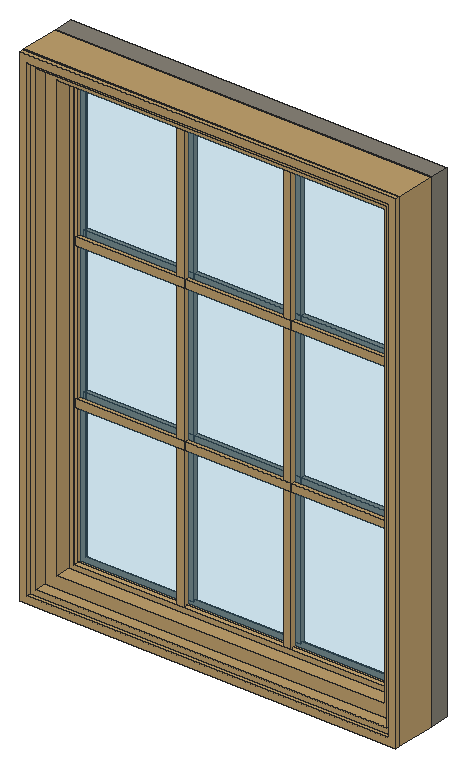
Revit family
Parameters (values of type "CUCA3648")
  Window Type = "Clad Ultimate Casement"
  Vent Area = VO Width * VO Height  # 8.42878 SF
  VO Width = if(Width < 1' 8", Width - 0' 9 19/32", Width - 0' 7 7/64")  # 2' - 4 57/64"
  VO Height = Height - 0' 5 29/256"  # 3' - 6 3/256"
  URL = "www.marvin.com"
  Prairie Corner Width = 0' - 4"
  Prairie Corner Height = 0' - 4"
  Plan Swing Angle [instance] = 15.00°
  Swing Width = Width - 0' 2 3/8"  # 2' - 9 5/8"
  Nominal Width = 3' - 0"
  Nominal Height = 4' - 0"
  Muntins Interior Material = Wood-Marvin-Pine
  Muntins Exterior Material = Aluminum-Marvin-Bronze
  Model = "CUCA3648"
  Manufacturer = "Marvin Windows and Doors"
  Lites Wide = 3
  Lites Wide Constraint = if(Nominal Width > 1' 4", Lites Wide, if(Lites Wide < 2, 1, 2))  # 3
  Lites High = 3
  Lites High Constraint = if(Nominal Height > 1' 4", Lites High, if(Lites High < 2, 1, 2))  # 3
  Lite Cut Prairie 9 = no
  Lite Cut Prairie 9 Constraint = if(and(Nominal Width > 1' 4", Nominal Height > 1' 4"), Lite Cut Prairie 9, 1 = 0)  # no
  Lite Cut HV Grid = not(Lite Cut Prairie 9 Constraint)  # yes
  Label Visibility = no
  Label Egress = if(and(and(VO Width > 1' 8", VO Height > 2' 0"), Vent Area > 5.70 SF), "EGRESS WDW", "")  # "EGRESS WDW"
  Interior Material = Wood-Marvin-Pine
  Glazing Material = Glass-Marvin-IG Low E II with Argon
  Glass Type = "IG Low E II with Argon"
  Frame = "Aluminum Clad"
  Family created by = "www.rbuiltcomponents.com"
  Elev Swing RH Visibility [instance] = yes
  Elev Swing LH Visibility [instance] = no
  Rough Width = Width + 0' 1"  # 3' - 1"
  Rough Height = Height + 0' 0 1/2"  # 3' - 11 5/8"
  Plan Swing RH Visibility [instance] = yes
  Plan Swing LH Visibility [instance] = no
  Muntins Interior Visibility = yes
  Muntins Exterior Visibility = yes
  Jamb Extension Visibility = yes
  Inset to Installation Flange [instance] = 0' - 1"
  Height = Nominal Height - 0' 0 7/8"  # 3' - 11 1/8"
  Egress Window = "Yes"
  Design Pressure = "DP50"
  Description = "3648 CSMT"
  Default Head Height = 8' - 0"
  Wall Closure = (empty or 0)
  Width = Nominal Width  # 3' - 0"
  Daylight Area = DLO Width * DLO Height  # 8.66056 SF
  DLO Width = Width - 0' 5 13/16"  # 2' - 6 3/16"
  DLO Height = Height - 0' 5 13/16"  # 3' - 5 5/16"
  Cladding Material = Aluminum-Marvin-Bronze
  Assembly Code = ""
  Note To User = "All Lite Constraints Apply To Nominal Widths Or Heights < 1 - 6"  # constant formula
Reference planes (in)
  plane 1 "Center (Front/Back)": y = 0
  plane 2: z = 0
  plane 3 "Center (Left/Right)": x = -3
  plane 4 "Left": x = -21
  plane 5 "Right": x = 15
  plane 6 "Sill": z = 48.875
  plane 7 "Top": z = 96
  plane 8 "Inset": y = 2
  plane 9 "Glazing": y = 1.25
  plane 10 "Jamb Ext Face": y = -2.5625
  plane 11: z = 72.4375
  plane 12: y = -2.625
Forms (in)
  Sweep 1, solid, material "Aluminum-Marvin-Bronze" <- "Cladding Material"
    path origin (0, 1.25, 0) x (1, 0, 0) y (0, 0, 1)
      loop
        line (-21, 96) -> (-21, 48.875) -> (15, 48.875) -> (15, 96) -> (-21, 96)
    profile "Profile_Ext_Clad_Frame : Profile_Ext_Clad_Frame" origin (-21, 1.25, 72.4375) x (1, 0, 0) y (0, -1, 0)
      loop
        line (0, 0) -> (0, -1.84401) -> (0.52105, -1.84401) -> (0.62315, -0.38401) -> (2.696, -0.38401) -> (2.696, -0.2654) -> (2.896, -0.0654) -> (2.896, 0) -> (0, 0)
  Sweep 2, solid, material "Wood-Marvin-Pine" <- "Interior Material"
    path origin (0, 1.25, 0) x (1, 0, 0) y (0, 0, 1)
      loop
        line (-21, 96) -> (-21, 48.875) -> (15, 48.875) -> (15, 96) -> (-21, 96)
    profile "Profile_Int_Frame : Profile_Int_Frame" origin (-21, 1.25, 72.4375) x (1, 0, 0) y (0, -1, 0)
      loop
        line (0, 0) -> (2.208, 0) -> (2.208, 0.75299) -> (2.896, 0.75299) -> (2.896, 0.94965) -> (2.7085, 1.13715) -> (2.7085, 1.23699) -> (2.30184, 1.23699) -> (2.30184, 2.71113) -> (1.188, 2.71113) -> (1.188, 3.81199) -> (0, 3.81199) -> (0, 0)
  Extrusion 3, solid, material "Wood-Marvin-Pine" <- "Interior Material", visible <- "Jamb Extension Visibility", detail levels medium+fine
    sketch origin (0, -2.5625, 0) x (1, 0, 0) y (0, 0, 1)
      loop
        line (-21, 96) -> (-21, 48.875) -> (15, 48.875) -> (15, 96) -> (-21, 96)
      loop
        line (-20.3125, 49.5625) -> (14.3125, 49.5625) -> (14.3125, 95.3125) -> (-20.3125, 95.3125) -> (-20.3125, 49.5625)
    from 0.0625 to 0.4375
  Extrusion 4, solid, material "Glass-Marvin-IG Low E II with Argon" <- "Glazing Material"
    sketch origin (0, 1.25, 0) x (1, 0, 0) y (0, 0, 1)
      loop
        line (12.65625, 93.65625) -> (-18.65625, 93.65625) -> (-18.65625, 51.21875) -> (12.65625, 51.21875) -> (12.65625, 93.65625)
    from 0 to 0.125
  Extrusion 5, solid, material "Glass-Marvin-IG Low E II with Argon" <- "Glazing Material"
    sketch origin (0, 1.25, 0) x (1, 0, 0) y (0, 0, 1)
      loop
        line (12.65625, 93.65625) -> (-18.65625, 93.65625) -> (-18.65625, 51.21875) -> (12.65625, 51.21875) -> (12.65625, 93.65625)
    from 0.625 to 0.75
Lines and regions (in)
  Opening 1
    outline origin (-60, -3, 0) x (1, 0, 0) y (0, 0, 1)
      loop
        line (39, 96) -> (39, 48.875) -> (75, 48.875) -> (75, 96) -> (39, 96)
  Masking region 1
    outline origin (0, 0, 48.875) x (0, -1, 0) y (1, 0, 0)
      loop
        line (-3.09401, -21) -> (2.5625, -21) -> (2.5625, 15) -> (-3.09401, 15) -> (-3.09401, -21)
  Masking region 2
    outline origin (-3, 0, 0) x (0, 1, 0) y (0, 0, 1)
      loop
        line (3.09401, 96) -> (-2.5625, 96) -> (-2.5625, 48.875) -> (3.09401, 48.875) -> (3.09401, 96)
  Masking region 3, visible <- "Jamb Extension Visibility"
    outline origin (0, 0, 0) x (1, 0, 0) y (0, 1, 0)
      loop
        line (-21, -2.625) -> (-21, -3) -> (15, -3) -> (15, -2.625) -> (-21, -2.625)
  Masking region 4, visible <- "Jamb Extension Visibility"
    outline origin (-3, 0, 0) x (0, 1, 0) y (0, 0, 1)
      loop
        line (-2.625, 96) -> (-3, 96) -> (-3, 48.875) -> (-2.625, 48.875) -> (-2.625, 96)
  symbolic lines, style "Jamb Extension", visible <- "Jamb Extension Visibility", detail levels fine
    curve 1: line (-21, -3, 48.875) -> (-20.3125, -3, 48.875)
    curve 2: line (-20.3125, -3, 48.875) -> (-20.3125, -2.625, 48.875)
    curve 3: line (15, -3, 48.875) -> (14.3125, -3, 48.875)
    curve 4: line (14.3125, -3, 48.875) -> (14.3125, -2.625, 48.875)
    curve 5: line (-3, -3, 95.3125) -> (-3, -2.625, 95.3125)
    curve 6: line (-3, -3, 49.5625) -> (-3, -2.625, 49.5625)
  symbolic lines, style "WindowsFrameMullionProjection", detail levels coarse+medium
    curve 7: line (15, -2.5625, 0) -> (13.812, -2.5625, 0)
    curve 8: line (13.812, -2.5625, 0) -> (13.812, 3.09401, 0)
    curve 9: line (13.812, 3.09401, 0) -> (15, 3.09401, 0)
    curve 10: line (13.812, 1.63401, 0) -> (12.104, 1.63401, 0)
    curve 11: line (12.104, 1.63401, 0) -> (12.104, 0.01301, 0)
    curve 12: line (-19.812, 0.01301, 0) -> (-18.13337, 0.01301, 0)
    curve 13: line (-21, -2.5625, 0) -> (-19.812, -2.5625, 0)
    curve 14: line (-19.812, -2.5625, 0) -> (-19.812, 3.09401, 0)
    curve 15: line (-19.812, 3.09401, 0) -> (-21, 3.09401, 0)
    curve 16: line (-18.13337, 1.63401, 0) -> (-18.13337, 0.01301, 0)
    curve 17: line (-3, 3.09401, 96) -> (-3, 3.09401, 94.812)
    curve 18: line (-3, 3.09401, 94.812) -> (-3, -2.5625, 94.812)
    curve 19: line (-3, -2.5625, 94.812) -> (-3, -2.5625, 96)
    curve 20: line (-3, 1.63401, 94.812) -> (-3, 1.63401, 93.104)
    curve 21: line (-3, 1.63401, 93.104) -> (-3, 0.00901, 93.104)
    curve 22: line (-3, 0.00901, 50.063) -> (-3, 0.00901, 51.771)
    curve 23: line (-3, 3.09401, 48.875) -> (-3, 3.09401, 50.063)
    curve 24: line (-3, 3.09401, 50.063) -> (-3, -2.5625, 50.063)
    curve 25: line (-3, -2.5625, 50.063) -> (-3, -2.5625, 48.875)
    curve 26: line (-3, 1.63401, 51.771) -> (-3, 0.00901, 51.771)
    curve 29: line (12.104, 1.63401, 0) -> (-18.13337, 1.63401, 0)
    curve 30: line (12.104, 0.01301, 0) -> (13.812, 0.01301, 0)
    curve 31: line (-18.13337, 0.01301, 0) -> (12.104, 0.01301, 0)
    curve 32: line (-18.13337, 1.63401, 0) -> (-19.812, 1.63401, 0)
    curve 33: line (-3, 0.00901, 51.771) -> (-3, 0.00901, 93.104)
    curve 34: line (-3, 1.63401, 51.771) -> (-3, 1.63401, 50.063)
    curve 35: line (-3, 0.00901, 93.104) -> (-3, 0.00901, 94.812)
    curve 36: line (-3, 1.63401, 93.104) -> (-3, 1.63401, 51.771)
  symbolic lines, style "WindowsGlassProjection", detail levels coarse+medium
    curve 27: line (-3, 0.82151, 93.104) -> (-3, 0.82151, 51.771)
    curve 28: line (-18.13337, 0.82351, 0) -> (12.104, 0.82351, 0)
  symbolic lines, style "Elevation Swing", visible <- "Elev Swing LH Visibility"
    curve 37: line (-20.37685, 0, 95.37685) -> (14.37685, 0, 72.4375)
    curve 38: line (14.37685, 0, 72.4375) -> (-20.47895, 0, 49.39605)
  symbolic lines, style "Elevation Swing", visible <- "Elev Swing RH Visibility"
    curve 39: line (14.37685, 0, 95.37685) -> (-20.37685, 0, 72.4375)
    curve 40: line (-20.37685, 0, 72.4375) -> (14.3125, 0, 49.5625)
  symbolic lines, style "WindowsFrameMullionProjection"
    curve 41: line (-3, -2.5625, 50.063) -> (-3, -2.5625, 94.812)
    curve 42: line (-19.812, -2.5625, 48.875) -> (13.812, -2.5625, 48.875)
  symbolic lines, style "WindowsFrameMullionProjection", visible <- "Jamb Extension Visibility", detail levels coarse+medium
    curve 43: line (-20.3125, -2.625, 48.875) -> (-20.3125, -3, 48.875)
    curve 44: line (-20.3125, -3, 48.875) -> (-21, -3, 48.875)
    curve 45: line (14.3125, -2.625, 48.875) -> (14.3125, -3, 48.875)
    curve 46: line (14.3125, -3, 48.875) -> (15, -3, 48.875)
    curve 49: line (-3, -2.625, 95.3125) -> (-3, -3, 95.3125)
    curve 50: line (-3, -3, 95.3125) -> (-3, -3, 96)
    curve 51: line (-3, -2.625, 49.5625) -> (-3, -3, 49.5625)
    curve 52: line (-3, -3, 49.5625) -> (-3, -3, 48.875)
  symbolic lines, style "Jamb Extension", visible <- "Jamb Extension Visibility"
    curve 47: line (-3, -3, 49.5625) -> (-3, -3, 48.875)
    curve 48: line (-3, -3, 95.3125) -> (-3, -3, 96)
  symbolic lines, style "Elevation Swing", visible <- "Plan Swing RH Visibility"
    curve 53: line (-19.812, 1.63401, 0) -> (12.66726, 10.3368, 0)
    curve 54: arc (13.812, 1.63401, 0) -> (13.52459, 6.02289, 0) -> (12.66726, 10.3368, 0) r 33.65337
  symbolic lines, style "Elevation Swing", visible <- "Plan Swing LH Visibility"
    curve 55: line (13.812, 1.63401, 0) -> (-18.66726, 10.3368, 0)
    curve 56: arc (-19.812, 1.63401, 0) -> (-19.52459, 6.02289, 0) -> (-18.66726, 10.3368, 0) r 33.65337
Text (in)
  text "EXTERIOR" at (-58.6888, 50.90694, 0), in view "Ref. Level"
  text "INTERIOR" at (-58.6888, -37.76638, 0), in view "Ref. Level"
  text "Exterior" at (0, 43.65631, 123.19604), in view "Left"
  text "Exterior" at (0, 18.29385, 125.04747), in view "Right"
Dimensions and locks (in)
  equal spacing: plane 4 "Left", plane 3 "Center (Left/Right)", plane 5 "Right"
  "Width": plane 4 "Left" to plane 5 "Right"
  "Height": plane 6 "Sill" to plane 7 "Top"
  "Inset to Installation Flange": host wall to plane 8 "Inset"
  locked: plane 9 "Glazing" to plane 8 "Inset" at 0.75
  locked: plane 10 "Jamb Ext Face" to plane 8 "Inset" at 4.5625
  locked: Extrusion 4 sketch curve to plane 5 "Right" at 2.34375
  locked: plane 4 "Left" to Extrusion 4 sketch curve at 2.34375
  locked: Extrusion 4 sketch curve to plane 7 "Top" at 2.34375
  locked: plane 6 "Sill" to Extrusion 4 sketch curve at 2.34375
  plane 8 "Inset" to curve 20 to curve 35 = 0' - 0.36599", 0' - 1 5/8"
  equal spacing: curve 30, curve 10, plane 8 "Inset"
  locked: nested 3 to plane 9 "Glazing" at 0.75
  equal spacing: plane 6 "Sill", plane 11, plane 7 "Top"
  "Default Head Height": plane 2 to plane 7 "Top"
  locked: Extrusion 3 sketch curve to Extrusion 3 sketch curve at 0.6875  (x2)
  locked: Sweep 2 to Extrusion 3 sketch curve at 0.6875
  locked: plane 7 "Top" to Extrusion 3 sketch curve at 0.6875
  locked: nested 5 to host wall at 12.00106
  locked: Extrusion 5 sketch curve to plane 7 "Top" at 2.34375
  locked: Extrusion 5 sketch curve to plane 5 "Right" at 2.34375
  locked: plane 6 "Sill" to Extrusion 5 sketch curve at 2.34375
  locked: plane 4 "Left" to Extrusion 5 sketch curve at 2.34375
  locked: plane 9 "Glazing" to Extrusion 4 at 0.125
  locked: plane 9 "Glazing" to Extrusion 5 at 0.625
  locked: plane 9 "Glazing" to Extrusion 5 at 0.75
  locked: Extrusion 5 to Extrusion 5 at 0.125
  "Swing Width": curve 56 to curve 55
  "Swing Width": curve 54 to curve 53
  locked: plane 12 to plane 10 "Jamb Ext Face" at 0.0625
  "Plan Swing Angle": angle curve 32 to curve 53
  "Plan Swing Angle": angle curve 55 to curve 10
  aligned and locked: plane 7 "Top" to Opening 1 sketch curve
  aligned and locked: plane 6 "Sill" to Opening 1 sketch curve  (x2)
  aligned and locked: plane 5 "Right" to Opening 1 sketch curve
  aligned and locked: plane 4 "Left" to Opening 1 sketch curve
  aligned and locked: nested 1 to plane 3 "Center (Left/Right)"
  aligned and locked: plane 8 "Inset" to nested 1
  aligned and locked: host wall to curve 1
  aligned and locked: curve 3 to host wall
  aligned and locked: plane 7 "Top" to Sweep 1 sketch curve
  aligned and locked: Sweep 1 sketch curve to plane 6 "Sill"
  aligned and locked: plane 5 "Right" to Sweep 1 sketch curve
  aligned and locked: Sweep 1 sketch curve to plane 4 "Left"
  aligned and locked: Sweep 2 sketch curve to plane 4 "Left"
  aligned and locked: plane 5 "Right" to Sweep 2 sketch curve
  aligned and locked: plane 7 "Top" to Sweep 2 sketch curve
  aligned and locked: Sweep 2 sketch curve to plane 6 "Sill"
  aligned and locked: plane 6 "Sill" to nested 2
  aligned and locked: plane 8 "Inset" to nested 2
  aligned and locked: Extrusion 3 sketch curve to plane 6 "Sill"
  aligned and locked: plane 5 "Right" to Extrusion 3 sketch curve
  aligned and locked: plane 11 to nested 3
  aligned and locked: plane 9 "Glazing" to nested 4
  aligned and locked: nested 4 to plane 11
  aligned and locked: nested 4 to plane 3 "Center (Left/Right)"
  aligned and locked: plane 3 "Center (Left/Right)" to nested 3
  aligned and locked: plane 5 "Right" to Masking region 1 sketch curve
  aligned and locked: Masking region 1 sketch curve to plane 4 "Left"
  aligned and locked: Masking region 1 sketch curve to Sweep 1
  aligned and locked: Masking region 2 sketch curve to Sweep 1
  aligned and locked: plane 7 "Top" to Masking region 2 sketch curve
  aligned and locked: Masking region 2 sketch curve to plane 6 "Sill"
  aligned and locked: host wall to Extrusion 3
  aligned and locked: Sweep 1 to curve 15
  aligned and locked: curve 9 to Sweep 1
  aligned and locked: curve 23 to Sweep 1
  aligned and locked: curve 17 to Sweep 1
  aligned and locked: plane 3 "Center (Left/Right)" to nested 5
  aligned and locked: Extrusion 3 sketch curve to plane 4 "Left"
  aligned and locked: plane 7 "Top" to Extrusion 3 sketch curve
  aligned and locked: curve 5 to Extrusion 3
  aligned and locked: curve 2 to Extrusion 3
  aligned and locked: curve 4 to Extrusion 3
  aligned and locked: plane 10 "Jamb Ext Face" to curve 13
  aligned and locked: curve 7 to plane 10 "Jamb Ext Face"
  aligned and locked: curve 42 to curve 14
  aligned and locked: curve 42 to curve 8
  aligned and locked: plane 10 "Jamb Ext Face" to curve 42
  aligned and locked: plane 4 "Left" to curve 44
  aligned and locked: curve 43 to Extrusion 3
  aligned and locked: curve 44 to host wall
  aligned and locked: plane 5 "Right" to curve 46
  aligned and locked: Extrusion 3 to curve 45
  aligned and locked: host wall to curve 46
  aligned and locked: curve 25 to plane 10 "Jamb Ext Face"
  aligned and locked: curve 24 to curve 41
  aligned and locked: plane 6 "Sill" to curve 47
  aligned and locked: curve 47 to Extrusion 3
  aligned and locked: curve 47 to host wall
  aligned and locked: plane 10 "Jamb Ext Face" to curve 19
  aligned and locked: plane 7 "Top" to curve 48
  aligned and locked: plane 7 "Top" to curve 50
  aligned and locked: host wall to curve 50
  aligned and locked: Extrusion 3 to curve 49
  aligned and locked: plane 6 "Sill" to curve 52
  aligned and locked: curve 51 to Extrusion 3
  aligned and locked: Sweep 2 to curve 41
  aligned and locked: Extrusion 4 to plane 9 "Glazing"
  aligned and locked: Sweep 1 to curve 53
  aligned and locked: curve 14 to curve 53
  aligned and locked: Sweep 1 to curve 10
  aligned and locked: Sweep 1 to curve 32
  aligned and locked: curve 12 to Sweep 2
  aligned and locked: Sweep 2 to curve 30
  aligned and locked: curve 8 to curve 55
  aligned and locked: curve 8 to nested 1
  aligned and locked: curve 14 to Sweep 2
  aligned and locked: Extrusion 3 to plane 12
  aligned and locked: plane 12 to curve 2
  aligned and locked: plane 12 to curve 43
  aligned and locked: plane 12 to curve 4
  aligned and locked: plane 12 to curve 45
  aligned and locked: plane 12 to curve 5
  aligned and locked: plane 12 to curve 49
  aligned and locked: plane 12 to curve 6
  aligned and locked: plane 12 to curve 51
  aligned and locked: plane 12 to Masking region 3 sketch curve
  aligned and locked: Masking region 3 sketch curve to host wall
  aligned and locked: Masking region 3 sketch curve to plane 4 "Left"
  aligned and locked: plane 5 "Right" to Masking region 3 sketch curve
  aligned and locked: plane 12 to Masking region 4 sketch curve
  aligned and locked: Masking region 4 sketch curve to host wall
  aligned and locked: plane 7 "Top" to Masking region 4 sketch curve
  aligned and locked: Masking region 4 sketch curve to plane 6 "Sill"
  aligned and locked: Masking region 1 sketch curve to plane 10 "Jamb Ext Face"
  aligned and locked: Masking region 2 sketch curve to plane 10 "Jamb Ext Face"
  aligned and locked: curve 40 to Extrusion 3
  aligned and locked: Sweep 1 to curve 40
  aligned and locked: Sweep 1 to curve 39
  aligned and locked: curve 38 to Sweep 1
  aligned and locked: Sweep 1 to curve 38
  aligned and locked: Sweep 1 to curve 37
Automatic sketch dimensions
  curve 13 to plane 4 "Left" = 0' - 0"
  curve 15 to plane 4 "Left" = 0' - 0"
  curve 7 to plane 5 "Right" = 0' - 0"
  curve 9 to plane 5 "Right" = 0' - 0"
  plane 9 "Glazing" to curve 28 = 0' - 0.42649"
  curve 54 to curve 28 = 0' - 1.708"
  curve 11 to curve 30 = 0' - 1.708"
  curve 1 to plane 4 "Left" = 0' - 0"
  curve 3 to plane 5 "Right" = 0' - 0"
  curve 25 to plane 6 "Sill" = 0' - 0"
  curve 23 to plane 6 "Sill" = 0' - 0"
  curve 17 to plane 7 "Top" = 0' - 0"
  curve 19 to plane 7 "Top" = 0' - 0"
  plane 9 "Glazing" to curve 27 = 0' - 0.42849"
  curve 6 to curve 25 = 0' - 0.5005"
  curve 22 to curve 26 = 0' - 1.708"
  curve 36 to curve 20 = 0' - 1.708"
  curve 38 to plane 11 = 0' - 0"
  curve 40 to plane 11 = 0' - 0"
  curve 40 to plane 6 "Sill" = 0' - 0 11/16"
  curve 38 to plane 6 "Sill" = 0' - 0.52105"
  plane 7 "Top" to curve 39 = 0' - 0.62315"
  plane 7 "Top" to curve 37 = 0' - 0.62315"
Nested families (in)
  nested 1: "Casement_Plan_Detail" at (-3, 2, 48.875) x (-1, 0, 0) z (0, 0, -1), type "Casement_Plan_Detail", detail levels fine
  nested 2: "Casement_Section_Detail" at (-3, 2, 96) x (0, -1, 0) z (1, 0, 0), type "Casement_Section_Detail", detail levels fine
  nested 3: "Muntins" at (-3, 0.5, 15.78125), visible <- "Muntins Interior Visibility", Muntin Material <- "Muntins Interior Material", type "Muntins"
    with Muntin Material Wood-Marvin-Pine, GlazingWidth 2' - 6 3/16", GlazingHeight 3' - 5 5/16", Width 2' - 6 5/8", Height 3' - 5 3/4", Inset Vert 0' - 9.83333", Inset Horiz 1' - 1.54167"
  nested 4: "Muntins" at (-3, 1.25, 15.78125), visible <- "Muntins Exterior Visibility", Muntin Material <- "Muntins Exterior Material", type "Muntins"
    with Muntin Material Aluminum-Marvin-Bronze, GlazingWidth 2' - 6 3/16", GlazingHeight 3' - 5 5/16", Width 2' - 6 5/8", Height 3' - 5 3/4", Inset Vert 0' - 9.83333", Inset Horiz 1' - 1.54167"
  nested 5: "Label Annotation 1-16 w" at (-3, 15.00106, 0), visible <- "Label Visibility", type "Label Annotation 1-16 w"
Definition of nested family "Muntins"
  Parameters (values of type "Muntins")
    PrairieMuntVisible = no
    Prairie Corner Width = 0' - 4"
    Prairie Corner Height = 0' - 4"
    Muntin Extension = 0' - 0 7/16"
    GridMuntVisible = yes
    GlazingWidth = 2' - 0"
    GlazingHeight = 2' - 11 1/8"
    Width = GlazingWidth + Muntin Extension  # 2' - 0 7/16"
    VerticalMuntins = if(LitesHorizontal < 3, 2, LitesHorizontal - 1)  # 2
    VertMuntVisible = and(GridMuntVisible, LitesHorizontal > 2)  # yes
    MuntinWidth = 0' - 0 3/4"
    MuntinDepth [instance] = 0' - 0 3/8"
    Muntin Material [instance] = none
    LitesVertical = 3
    LitesHorizontal = 3
    HorizontalMuntins = if(LitesVertical < 3, 2, LitesVertical - 1)  # 2
    HorizMuntVisible = and(GridMuntVisible, LitesVertical > 2)  # yes
    Height = GlazingHeight + Muntin Extension  # 2' - 11 9/16"
    Inset Vert = if(LitesHorizontal < 3, (Width / 3) - (MuntinWidth / 2), (Width / LitesHorizontal) - (MuntinWidth / 2))  # 0' - 7.77083"
    Inset Horiz = if(LitesVertical < 3, (Height / 3) - (MuntinWidth / 2), (Height / LitesVertical) - (MuntinWidth / 2))  # 0' - 11.47917"
    CenterMuntinVertical = and(GridMuntVisible, LitesHorizontal = 2)  # no
    CenterMuntinHorizontal = and(GridMuntVisible, LitesVertical = 2)  # no
    Assembly Code = ""
  Reference planes (in)
    plane 1 "Center (Front/Back)": y = 0
    plane 2: z = 0
    plane 3 "Center (Left/Right)": x = 0
    plane 4: z = 35.78125
    plane 5: z = 53.5625
    plane 6: z = 71.34375
    plane 7: z = 59.86458
    plane 8: z = 47.26042
    plane 9: z = 71.125
    plane 10: z = 36
    plane 11: x = -12
    plane 12: x = 12
    plane 13: x = -4.44792
    plane 14: x = -12.21875
    plane 15: x = 12.21875
    plane 16: x = 4.44792
    plane 17: z = 67.125
    plane 18: z = 40
    plane 19: x = -8
    plane 20: x = 8
  Forms (in)
    Extrusion 1, solid, material <- "Muntin Material", visible <- "CenterMuntinVertical", detail levels medium+fine
      sketch origin (9, 0, 0) x (1, 0, 0) y (0, 0, 1)
        loop
          line (-9.375, 71.34375) -> (-9.375, 35.78125) -> (-8.625, 35.78125) -> (-8.625, 71.34375) -> (-9.375, 71.34375)
      from 0 to 0.375 <- "MuntinDepth"
    Extrusion 2, solid, material <- "Muntin Material", visible <- "CenterMuntinHorizontal", detail levels medium+fine
      sketch origin (-0.0013, 0, 14.6875) x (1, 0, 0) y (0, 0, 1)
        loop
          line (-12.21745, 39.25) -> (-12.21745, 38.5) -> (12.22005, 38.5) -> (12.22005, 39.25) -> (-12.21745, 39.25)
      from 0 to 0.375 <- "MuntinDepth"
    Extrusion 3, solid, material <- "Muntin Material", visible <- "VertMuntVisible", detail levels medium+fine
      sketch origin (4.92708, 0, -2.90625) x (1, 0, 0) y (0, 0, 1)
        loop
          line (-9.375, 74.25) -> (-9.375, 38.6875) -> (-8.625, 38.6875) -> (-8.625, 74.25) -> (-9.375, 74.25)
      from 0 to 0.375 <- "MuntinDepth"
    Extrusion 4, solid, material <- "Muntin Material", visible <- "HorizMuntVisible", detail levels medium+fine
      sketch origin (-3.09635, 0, 14.17708) x (1, 0, 0) y (0, 0, 1)
        loop
          line (-9.1224, 45.6875) -> (-9.1224, 44.9375) -> (15.3151, 44.9375) -> (15.3151, 45.6875) -> (-9.1224, 45.6875)
      from 0 to 0.375 <- "MuntinDepth"
    Extrusion 5, solid, material <- "Muntin Material", visible <- "HorizMuntVisible", detail levels medium+fine
      sketch origin (-3.09635, 0, 2.32292) x (1, 0, 0) y (0, 0, 1)
        loop
          line (-9.1224, 45.6875) -> (-9.1224, 44.9375) -> (15.3151, 44.9375) -> (15.3151, 45.6875) -> (-9.1224, 45.6875)
      from 0 to 0.375 <- "MuntinDepth"
    Extrusion 6, solid, material <- "Muntin Material", visible <- "VertMuntVisible", detail levels medium+fine
      sketch origin (13.07292, 0, -2.90625) x (1, 0, 0) y (0, 0, 1)
        loop
          line (-9.375, 74.25) -> (-9.375, 38.6875) -> (-8.625, 38.6875) -> (-8.625, 74.25) -> (-9.375, 74.25)
      from 0 to 0.375 <- "MuntinDepth"
    Extrusion 7, solid, material <- "Muntin Material", visible <- "PrairieMuntVisible", detail levels medium+fine
      sketch origin (1, 0, 0) x (1, 0, 0) y (0, 0, 1)
        loop
          line (-9, 71.34375) -> (-9, 35.78125) -> (-8.25, 35.78125) -> (-8.25, 71.34375) -> (-9, 71.34375)
      from 0 to 0.375 <- "MuntinDepth"
    Extrusion 8, solid, material <- "Muntin Material", visible <- "PrairieMuntVisible", detail levels medium+fine
      sketch origin (17, 0, 0) x (1, 0, 0) y (0, 0, 1)
        loop
          line (-9.75, 71.34375) -> (-9.75, 35.78125) -> (-9, 35.78125) -> (-9, 71.34375) -> (-9.75, 71.34375)
      from 0 to 0.375 <- "MuntinDepth"
    Extrusion 9, solid, material <- "Muntin Material", visible <- "PrairieMuntVisible", detail levels medium+fine
      sketch origin (-0.0013, 0, 28.25) x (1, 0, 0) y (0, 0, 1)
        loop
          line (-12.21745, 38.875) -> (-12.21745, 38.125) -> (12.22005, 38.125) -> (12.22005, 38.875) -> (-12.21745, 38.875)
      from 0 to 0.375 <- "MuntinDepth"
    Extrusion 10, solid, material <- "Muntin Material", visible <- "PrairieMuntVisible", detail levels medium+fine
      sketch origin (-0.0013, 0, 1.125) x (1, 0, 0) y (0, 0, 1)
        loop
          line (-12.21745, 39.625) -> (-12.21745, 38.875) -> (12.22005, 38.875) -> (12.22005, 39.625) -> (-12.21745, 39.625)
      from 0 to 0.375 <- "MuntinDepth"
  Cuts and joins
    joined: Extrusion 7, Extrusion 8, Extrusion 9, Extrusion 10
  Lines and regions (in)
    model lines, style "Muntins", visible <- "CenterMuntinHorizontal", detail levels coarse
      curve 1: line (-12.21875, 0, 53.5625) -> (12.21875, 0, 53.5625)
    model lines, style "Muntins", visible <- "HorizMuntVisible", detail levels coarse
      curve 2: line (-12.21875, 0, 59.48958) -> (12.21875, 0, 59.48958)
      curve 3: line (-12.21875, 0, 47.63542) -> (12.21875, 0, 47.63542)
    model lines, style "Muntins", visible <- "CenterMuntinVertical", detail levels coarse
      curve 4: line (0, 0, 71.34375) -> (0, 0, 35.78125)
    model lines, style "Muntins", visible <- "VertMuntVisible", detail levels coarse
      curve 5: line (-4.07292, 0, 71.34375) -> (-4.07292, 0, 35.78125)
      curve 6: line (4.07292, 0, 71.34375) -> (4.07292, 0, 35.78125)
    model lines, style "Muntins", visible <- "PrairieMuntVisible", detail levels coarse
      curve 7: line (-12.21875, 0, 66.75) -> (12.21875, 0, 66.75)
      curve 8: line (-12.21875, 0, 40.375) -> (12.21875, 0, 40.375)
      curve 9: line (-7.625, 0, 35.78125) -> (-7.625, 0, 71.34375)
      curve 10: line (7.625, 0, 35.78125) -> (7.625, 0, 71.34375)
  Dimensions and locks (in)
    "Inset Horiz": plane 6 to plane 7
    "Inset Horiz": plane 8 to plane 4
    equal spacing: plane 6, plane 5, plane 4
    "Height": plane 6 to plane 4
    "GlazingHeight": plane 9 to plane 10
    equal spacing: plane 9, plane 5, plane 10
    "GlazingWidth": plane 12 to plane 11
    equal spacing: plane 12, plane 3 "Center (Left/Right)", plane 11
    "MuntinWidth": Extrusion 1 sketch curve to Extrusion 1 sketch curve
    "Height": Extrusion 1 sketch curve to Extrusion 1 sketch curve
    "MuntinWidth": Extrusion 2 sketch curve to Extrusion 2 sketch curve
    "Width": Extrusion 2 sketch curve to Extrusion 2 sketch curve
    "MuntinWidth": Extrusion 3 sketch curve to Extrusion 3 sketch curve
    "Height": Extrusion 3 sketch curve to Extrusion 3 sketch curve
    "Width": plane 15 to plane 14
    equal spacing: plane 15, plane 3 "Center (Left/Right)", plane 14
    "Inset Vert": plane 13 to plane 14
    "Inset Vert": plane 15 to plane 16
    "MuntinWidth": Extrusion 4 sketch curve to Extrusion 4 sketch curve
    "Width": Extrusion 4 sketch curve to Extrusion 4 sketch curve
    "MuntinWidth": Extrusion 5 sketch curve to Extrusion 5 sketch curve
    "Width": Extrusion 5 sketch curve to Extrusion 5 sketch curve
    group 2 to group 3 = 0' - 0"  (x2)
    group 3 to group 2 = 0' - 11.85417"
    "MuntinWidth": Extrusion 6 sketch curve to Extrusion 6 sketch curve
    "Height": Extrusion 6 sketch curve to Extrusion 6 sketch curve
    group 4 to group 5 = 0' - 8.14583"
    group 4 to group 5 = 0' - 0"  (x2)
    "Prairie Corner Width": plane 19 to plane 11
    "Prairie Corner Width": plane 20 to plane 12
    "Prairie Corner Height": plane 9 to plane 17
    "Prairie Corner Height": plane 18 to plane 10
    "MuntinWidth": Extrusion 7 sketch curve to Extrusion 7 sketch curve
    "Height": Extrusion 7 sketch curve to Extrusion 7 sketch curve
    "MuntinWidth": Extrusion 8 sketch curve to Extrusion 8 sketch curve
    "Height": Extrusion 8 sketch curve to Extrusion 8 sketch curve
    "MuntinWidth": Extrusion 9 sketch curve to Extrusion 9 sketch curve
    "Width": Extrusion 9 sketch curve to Extrusion 9 sketch curve
    "MuntinWidth": Extrusion 10 sketch curve to Extrusion 10 sketch curve
    "Width": Extrusion 10 sketch curve to Extrusion 10 sketch curve
    aligned and locked: plane 6 to Extrusion 1  (x2)
    aligned and locked: Extrusion 1 to plane 4  (x3)
    aligned and locked: Extrusion 3 to plane 13  (x5)
    aligned and locked: Extrusion 3 to plane 4  (x3)
    aligned and locked: Extrusion 2 to plane 14
    aligned and locked: plane 15 to Extrusion 2
    aligned and locked: plane 6 to Extrusion 3
    aligned and locked: plane 7 to Extrusion 4
    aligned and locked: Extrusion 4 to plane 14
    aligned and locked: plane 15 to Extrusion 4
    aligned and locked: curve 1 to plane 5
    aligned and locked: plane 14 to curve 1
    aligned and locked: plane 15 to curve 1
    aligned and locked: Extrusion 5 to plane 14
    aligned and locked: Extrusion 5 to plane 8
    aligned and locked: plane 15 to Extrusion 5
    aligned and locked: Extrusion 5 to curve 3  (x2)
    aligned and locked: Extrusion 4 to curve 2  (x2)
    aligned and locked: curve 4 to plane 3 "Center (Left/Right)"
    aligned and locked: Extrusion 1 to curve 4  (x2)
    aligned and locked: Extrusion 3 to curve 5  (x2)
    aligned and locked: Extrusion 6 to curve 6  (x2)
    aligned and locked: Extrusion 6 to plane 16
    aligned and locked: plane 6 to Extrusion 6
    aligned and locked: plane 6 to curve 6
    aligned and locked: Extrusion 6 to plane 4
    aligned and locked: plane 4 to curve 6
    aligned and locked: cut or joined group of Extrusion 7, Extrusion 8, Extrusion 9, Extrusion 10 to plane 19
    aligned and locked: plane 20 to cut or joined group of Extrusion 7, Extrusion 8, Extrusion 9, Extrusion 10
    aligned and locked: plane 17 to cut or joined group of Extrusion 7, Extrusion 8, Extrusion 9, Extrusion 10
    aligned and locked: cut or joined group of Extrusion 7, Extrusion 8, Extrusion 9, Extrusion 10 to plane 18
    aligned and locked: cut or joined group of Extrusion 7, Extrusion 8, Extrusion 9, Extrusion 10 to curve 7  (x2)
    aligned and locked: cut or joined group of Extrusion 7, Extrusion 8, Extrusion 9, Extrusion 10 to curve 8  (x2)
    aligned and locked: cut or joined group of Extrusion 7, Extrusion 8, Extrusion 9, Extrusion 10 to curve 9  (x2)
    aligned and locked: cut or joined group of Extrusion 7, Extrusion 8, Extrusion 9, Extrusion 10 to curve 10  (x2)
  Automatic sketch dimensions
    Extrusion 1 sketch curve to plane 4 = 0' - 0"
    Extrusion 1 sketch curve to plane 3 "Center (Left/Right)" = 0' - 0 3/8"
    Extrusion 2 sketch curve to plane 14 = 0' - 0"
    Extrusion 2 sketch curve to plane 5 = 0' - 0 3/8"
    Extrusion 7 sketch curve to plane 4 = 0' - 0"
    Extrusion 7 sketch curve to plane 19 = 0' - 0"
    Extrusion 8 sketch curve to plane 4 = 0' - 0"
    Extrusion 8 sketch curve to plane 20 = 0' - 0 3/4"
    Extrusion 9 sketch curve to plane 14 = 0' - 0"
    Extrusion 9 sketch curve to plane 17 = 0' - 0 3/4"
    Extrusion 10 sketch curve to plane 14 = 0' - 0"
    Extrusion 10 sketch curve to plane 18 = 0' - 0"
    plane 19 to curve 9 = 0' - 0 3/8"
    curve 10 to plane 20 = 0' - 0 3/8"
    plane 18 to curve 8 = 0' - 0 3/8"
    curve 7 to plane 17 = 0' - 0 3/8"
Definition of nested family "Casement_Plan_Detail"
  Parameters (values of type "Casement_Plan_Detail")
    Width = 3' - 0"
    Assembly Code = ""
  Reference planes (in)
    plane 1 "Center (Front/Back)": y = 0
    plane 2: z = 0
    plane 3 "Center (Left/Right)": x = 0
    plane 4: x = -18
    plane 5: x = 18
  Lines and regions (in)
    detail lines, style "Cut Lines", in view "Ref. Level"
      curve 1: line (-15.647, -0.74875, 0) -> (15.647, -0.74875, 0)
      curve 2: line (-15.647, -0.86675, 0) -> (15.647, -0.86675, 0)
      curve 3: line (-15.647, -1.38075, 0) -> (15.647, -1.38075, 0)
      curve 4: line (-15.647, -1.49875, 0) -> (15.647, -1.49875, 0)
    detail lines, style "DetailComponentsHiddenLines", in view "Ref. Level"
      curve 5: line (-14.92484, -2.36899, 0) -> (14.96084, -2.36899, 0)
  Dimensions and locks (in)
    equal spacing: plane 4, plane 3 "Center (Left/Right)", plane 5
    "Width": plane 4 to plane 5
    aligned and locked: plane 1 "Center (Front/Back)" to nested 1
    aligned and locked: nested 1 to plane 4
    aligned and locked: plane 5 to nested 2
    aligned and locked: nested 2 to plane 1 "Center (Front/Back)"
    aligned and locked: nested 2 to nested 2
    aligned and locked: nested 1 to curve 5
  Automatic sketch dimensions
    plane 1 "Center (Front/Back)" to curve 1 = 0' - 0.74875"
    curve 2 to curve 1 = 0' - 0"
    curve 4 to curve 2 = 0' - 0"
    curve 3 to curve 4 = 0' - 0"  (x2)
    curve 4 to curve 5 = 0' - 0.72216"
    plane 5 to curve 5 = 0' - 3.03916"
    curve 5 to curve 4 = 0' - 0.68616"
    curve 2 to curve 4 = 0' - 0"
    curve 1 to curve 2 = 0' - 0"
    curve 2 to curve 1 = 0' - 0.118"
    curve 3 to curve 2 = 0' - 0.514"
    curve 4 to curve 3 = 0' - 0.118"
    curve 5 to curve 4 = 0' - 0.87024"
  Nested families (in)
    nested 1: "Jamb_Detail" at (-18, 0, 0), type "Jamb_Detail", in view "Ref. Level"
    nested 2: "Jamb_Detail" at (18, 0, 0) x (-1, 0, 0) z (0, 0, 1), type "Jamb_Detail", in view "Ref. Level"
  Definition of nested family "Jamb_Detail"
    Parameters (values of type "Jamb_Detail")
      Assembly Code = ""
    Reference planes (in)
      plane 1 "Center (Front/Back)": y = 0
      plane 2: z = 0
      plane 3 "Center (Left/Right)": x = 0
    Lines and regions (in)
      detail lines, style "Cut Lines", in view "Ref. Level"
        curve 1: line (0, 4.56199, 0) -> (1.188, 4.56199, 0)
        curve 2: line (0, -1.09401, 0) -> (0, 4.56199, 0)
        curve 3: line (1.188, 4.56199, 0) -> (1.188, 0.76198, 0)
        curve 4: line (0.52105, -1.09401, 0) -> (0, -1.09401, 0)
        curve 5: line (0.637, 0.56409, 0) -> (0.52105, -1.09401, 0)
        curve 6: line (0.637, 0.56409, 0) -> (0.637, 1.98699, 0)
        curve 7: line (-1.5, 0, 0) -> (-0.15, 0, 0)
        curve 8: line (0, -0.04501, 0) -> (-1.5, -0.04501, 0)
        curve 9: line (-1.5, -0.04501, 0) -> (-1.5, 0, 0)
        curve 10: line (-0.15, 0.10999, 0) -> (0, 0.10999, 0)
        curve 11: line (-0.15, 0, 0) -> (-0.15, 0.10999, 0)
        curve 12: line (1.188, 3.46342, 0) -> (2.115, 3.46342, 0)
        curve 13: line (2.115, 3.46342, 0) -> (2.115, 2.86577, 0)
        curve 14: line (2.30184, 2.86577, 0) -> (2.30184, 2.34399, 0)
        curve 15: line (2.489, 2.34399, 0) -> (2.489, 1.98699, 0)
        curve 16: line (2.115, 2.86577, 0) -> (2.30184, 2.86577, 0)
        curve 17: line (0.805, 0.76198, 0) -> (1.188, 0.76198, 0)
        curve 18: line (0.805, 0.36599, 0) -> (0.805, 0.76198, 0)
        curve 19: line (2.696, 0.36599, 0) -> (0.805, 0.36599, 0)
        curve 20: line (2.696, 0.4846, 0) -> (2.696, 0.36599, 0)
        curve 21: line (2.896, 0.6846, 0) -> (2.696, 0.4846, 0)
        curve 22: line (2.208, 0.71396, 0) -> (2.896, 0.71396, 0)
        curve 23: line (2.208, 1.50299, 0) -> (2.208, 0.71396, 0)
        curve 24: line (2.896, 1.50299, 0) -> (2.208, 1.50299, 0)
        curve 25: line (2.896, 1.67399, 0) -> (2.896, 1.50299, 0)
        curve 26: line (2.677, 1.98699, 0) -> (2.677, 1.89299, 0)
        curve 27: line (0.637, 1.98699, 0) -> (2.677, 1.98699, 0)
        curve 28: line (2.896, 0.71396, 0) -> (2.896, 0.6846, 0)
        curve 29: line (2.677, 1.89299, 0) -> (2.896, 1.67399, 0)
        curve 30: line (2.30184, 2.71899, 0) -> (2.98516, 2.71899, 0)
        curve 31: line (2.88116, 2.34399, 0) -> (2.30184, 2.34399, 0)
        curve 32: line (2.88116, 2.57074, 0) -> (2.88116, 2.34399, 0)
        curve 33: line (3.00316, 2.57074, 0) -> (2.88116, 2.57074, 0)
        curve 34: line (3.07516, 2.61899, 0) -> (3.07516, 2.36799, 0)
        curve 35: line (3.00316, 2.36799, 0) -> (3.00316, 2.57074, 0)
        curve 36: line (3.00316, 2.36799, 0) -> (3.07516, 2.36799, 0)
        curve 37: line (2.98516, 2.71899, 0) -> (2.98516, 2.61899, 0)
        curve 38: line (2.98516, 2.61899, 0) -> (3.07516, 2.61899, 0)
        curve 39: line (2.353, 1.38075, 0) -> (2.353, 1.49875, 0)
        curve 40: line (2.478, 0.86675, 0) -> (2.478, 1.38075, 0)
        curve 41: line (2.728, 0.87375, 0) -> (2.728, 1.37375, 0)
        curve 42: line (2.353, 0.74875, 0) -> (2.353, 0.86675, 0)
Definition of nested family "Casement_Section_Detail"
  Parameters (values of type "Casement_Section_Detail")
    Height = 3' - 11 1/8"
    Assembly Code = ""
  Reference planes (in)
    plane 1 "Center (Front/Back)": y = 0
    plane 2: z = 0
    plane 3 "Center (Left/Right)": x = 0
    plane 4: y = 47.125
  Lines and regions (in)
    detail lines, style "Cut Lines", in view "Ref. Level"
      curve 1: line (0.74625, 44.77203, 0) -> (0.74625, 2.35297, 0)
      curve 2: line (0.86425, 44.77203, 0) -> (0.86425, 2.35297, 0)
      curve 3: line (1.37825, 44.77203, 0) -> (1.37825, 2.35297, 0)
      curve 4: line (1.49625, 44.77203, 0) -> (1.49625, 2.35297, 0)
    detail lines, style "DetailComponentsHiddenLines", in view "Ref. Level"
      curve 5: line (2.36799, 3.28429, 0) -> (2.36799, 44.04984, 0)
  Dimensions and locks (in)
    "Height": plane 4 to plane 1 "Center (Front/Back)"
    aligned and locked: plane 1 "Center (Front/Back)" to nested 1
    aligned and locked: plane 3 "Center (Left/Right)" to nested 1
    aligned and locked: nested 2 to plane 4
    aligned and locked: plane 3 "Center (Left/Right)" to nested 2
    aligned and locked: nested 1 to curve 5  (x2)
    aligned and locked: nested 2 to curve 5
  Automatic sketch dimensions
    plane 3 "Center (Left/Right)" to curve 1 = 0' - 0.74625"
    curve 1 to curve 2 = 0' - 0.118"
    curve 2 to curve 3 = 0' - 0.514"
    curve 3 to curve 4 = 0' - 0.118"
    curve 3 to curve 5 = 0' - 0.93132"
    curve 2 to curve 3 = 0' - 0"  (x2)
    curve 4 to curve 3 = 0' - 0"  (x2)
    curve 1 to curve 2 = 0' - 0"  (x2)
    curve 5 to curve 3 = 0' - 0.72219"
  Nested families (in)
    nested 1: "Sill_Detail" at (0, 0, 0), type "Sill_Detail", in view "Ref. Level"
    nested 2: "Head_Detail" at (0, 47.125, 0), type "Head_Detail", in view "Ref. Level"
  Definition of nested family "Sill_Detail"
    Parameters (values of type "Sill_Detail")
      Assembly Code = ""
    Reference planes (in)
      plane 1 "Center (Front/Back)": y = 0
      plane 2: z = 0
      plane 3 "Center (Left/Right)": x = 0
    Lines and regions (in)
      detail lines, style "Cut Lines", in view "Ref. Level"
        curve 1: line (4.56199, 0, 0) -> (4.56199, 1.188, 0)
        curve 2: line (-1.09401, 0, 0) -> (4.56199, 0, 0)
        curve 3: line (4.56199, 1.188, 0) -> (0.76198, 1.188, 0)
        curve 4: line (-1.09401, 0.52105, 0) -> (-1.09401, 0, 0)
        curve 5: line (0.56409, 0.637, 0) -> (-1.09401, 0.52105, 0)
        curve 6: line (0.56409, 0.637, 0) -> (1.98699, 0.637, 0)
        curve 7: line (0, -1.5, 0) -> (0, -0.15, 0)
        curve 8: line (-0.04501, 0, 0) -> (-0.04501, -1.5, 0)
        curve 9: line (-0.04501, -1.5, 0) -> (0, -1.5, 0)
        curve 10: line (0.10999, -0.15, 0) -> (0.10999, 0, 0)
        curve 11: line (0, -0.15, 0) -> (0.10999, -0.15, 0)
        curve 12: line (3.46342, 1.188, 0) -> (3.46342, 2.51098, 0)
        curve 13: line (3.46342, 2.51098, 0) -> (1.98699, 2.51098, 0)
        curve 14: line (0.76198, 0.805, 0) -> (0.76198, 1.188, 0)
        curve 15: line (0.36599, 0.805, 0) -> (0.76198, 0.805, 0)
        curve 16: line (0.36599, 2.696, 0) -> (0.36599, 0.805, 0)
        curve 17: line (0.4846, 2.696, 0) -> (0.36599, 2.696, 0)
        curve 18: line (0.6846, 2.896, 0) -> (0.4846, 2.696, 0)
        curve 19: line (0.71396, 2.208, 0) -> (0.71396, 2.896, 0)
        curve 20: line (1.50299, 2.208, 0) -> (0.71396, 2.208, 0)
        curve 21: line (1.50299, 2.896, 0) -> (1.50299, 2.208, 0)
        curve 22: line (1.67399, 2.896, 0) -> (1.50299, 2.896, 0)
        curve 23: line (1.98699, 2.677, 0) -> (1.89299, 2.677, 0)
        curve 24: line (1.98699, 0.637, 0) -> (1.98699, 2.677, 0)
        curve 25: line (0.71396, 2.896, 0) -> (0.6846, 2.896, 0)
        curve 26: line (1.89299, 2.677, 0) -> (1.67399, 2.896, 0)
        curve 27: line (2.71899, 2.51098, 0) -> (2.71899, 3.19429, 0)
        curve 28: line (2.34399, 3.09029, 0) -> (2.34399, 2.51098, 0)
        curve 29: line (2.57074, 3.09029, 0) -> (2.34399, 3.09029, 0)
        curve 30: line (2.57074, 3.21229, 0) -> (2.57074, 3.09029, 0)
        curve 31: line (2.61899, 3.28429, 0) -> (2.36799, 3.28429, 0)
        curve 32: line (2.36799, 3.21229, 0) -> (2.57074, 3.21229, 0)
        curve 33: line (2.36799, 3.21229, 0) -> (2.36799, 3.28429, 0)
        curve 34: line (2.71899, 3.19429, 0) -> (2.61899, 3.19429, 0)
        curve 35: line (2.61899, 3.19429, 0) -> (2.61899, 3.28429, 0)
        curve 36: line (1.38075, 2.353, 0) -> (1.49875, 2.353, 0)
        curve 37: line (0.86675, 2.478, 0) -> (1.38075, 2.478, 0)
        curve 38: line (0.87375, 2.728, 0) -> (1.37375, 2.728, 0)
        curve 39: line (0.74875, 2.353, 0) -> (0.86675, 2.353, 0)
  Definition of nested family "Head_Detail"
    Parameters (values of type "Head_Detail")
      Assembly Code = ""
    Reference planes (in)
      plane 1 "Center (Front/Back)": y = 0
      plane 2: z = 0
      plane 3 "Center (Left/Right)": x = 0
    Lines and regions (in)
      detail lines, style "Cut Lines", in view "Ref. Level"
        curve 1: line (4.56199, 0, 0) -> (4.56199, -1.188, 0)
        curve 2: line (-1.09401, 0, 0) -> (4.56199, 0, 0)
        curve 3: line (4.56199, -1.188, 0) -> (0.76198, -1.188, 0)
        curve 4: line (-1.09401, -0.52105, 0) -> (-1.09401, 0, 0)
        curve 5: line (0.56409, -0.637, 0) -> (-1.09401, -0.52105, 0)
        curve 6: line (0.56409, -0.637, 0) -> (1.98699, -0.637, 0)
        curve 7: line (0, 1.5, 0) -> (0, 0.15, 0)
        curve 8: line (-0.04501, 0, 0) -> (-0.04501, 1.5, 0)
        curve 9: line (-0.04501, 1.5, 0) -> (0, 1.5, 0)
        curve 10: line (0.10999, 0.15, 0) -> (0.10999, 0, 0)
        curve 11: line (0, 0.15, 0) -> (0.10999, 0.15, 0)
        curve 12: line (3.46342, -1.188, 0) -> (3.46342, -2.30184, 0)
        curve 13: line (3.46342, -2.30184, 0) -> (2.34399, -2.30184, 0)
        curve 14: line (2.34399, -2.489, 0) -> (1.98699, -2.489, 0)
        curve 15: line (0.76198, -0.805, 0) -> (0.76198, -1.188, 0)
        curve 16: line (0.36599, -0.805, 0) -> (0.76198, -0.805, 0)
        curve 17: line (0.36599, -2.696, 0) -> (0.36599, -0.805, 0)
        curve 18: line (0.4846, -2.696, 0) -> (0.36599, -2.696, 0)
        curve 19: line (0.6846, -2.896, 0) -> (0.4846, -2.696, 0)
        curve 20: line (0.71396, -2.208, 0) -> (0.71396, -2.896, 0)
        curve 21: line (1.50299, -2.208, 0) -> (0.71396, -2.208, 0)
        curve 22: line (1.50299, -2.896, 0) -> (1.50299, -2.208, 0)
        curve 23: line (1.67399, -2.896, 0) -> (1.50299, -2.896, 0)
        curve 24: line (1.98699, -2.677, 0) -> (1.89299, -2.677, 0)
        curve 25: line (1.98699, -0.637, 0) -> (1.98699, -2.677, 0)
        curve 26: line (0.71396, -2.896, 0) -> (0.6846, -2.896, 0)
        curve 27: line (1.89299, -2.677, 0) -> (1.67399, -2.896, 0)
        curve 28: line (2.71899, -2.30184, 0) -> (2.71899, -2.98516, 0)
        curve 29: line (2.34399, -2.88116, 0) -> (2.34399, -2.30184, 0)
        curve 30: line (2.57074, -2.88116, 0) -> (2.34399, -2.88116, 0)
        curve 31: line (2.57074, -3.00316, 0) -> (2.57074, -2.88116, 0)
        curve 32: line (2.61899, -3.07516, 0) -> (2.36799, -3.07516, 0)
        curve 33: line (2.36799, -3.00316, 0) -> (2.57074, -3.00316, 0)
        curve 34: line (2.36799, -3.00316, 0) -> (2.36799, -3.07516, 0)
        curve 35: line (2.71899, -2.98516, 0) -> (2.61899, -2.98516, 0)
        curve 36: line (2.61899, -2.98516, 0) -> (2.61899, -3.07516, 0)
        curve 37: line (1.38075, -2.353, 0) -> (1.49875, -2.353, 0)
        curve 38: line (0.86675, -2.478, 0) -> (1.38075, -2.478, 0)
        curve 39: line (0.87375, -2.728, 0) -> (1.37375, -2.728, 0)
        curve 40: line (0.74875, -2.353, 0) -> (0.86675, -2.353, 0)
Definition of nested family "Label Annotation 1-16 w"
  Parameters
    Label = ""
    Egress Info = ""
    Description = "3040 Csmt"
  Reference planes (in)
    plane 1: y = 0
    plane 2: x = 0
  Text (in)
    label "Description Egress Info" at (0.00375, -0.00345, 0), shows "Description", "Egress Info"
